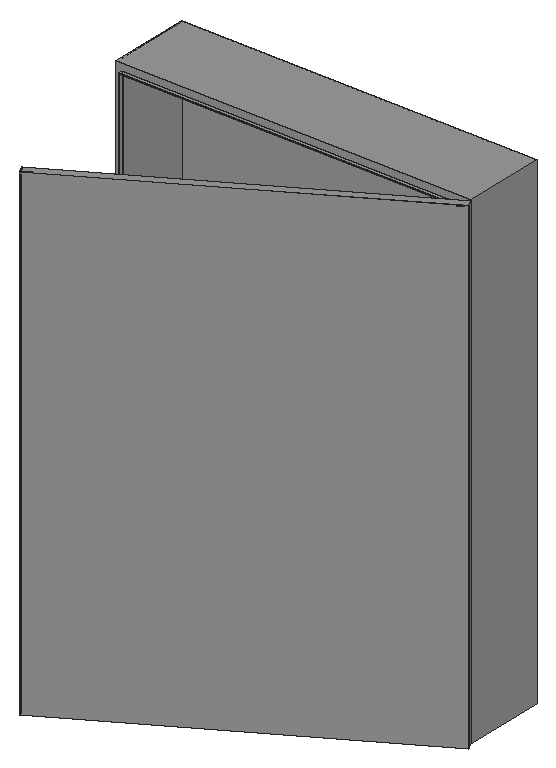
Revit family "Hager-Univers-IP54-D205-H1100-Cl.II-Encl-NoHosted-DE-de", category Equipement électrique, Revit 2020
Family settings
  Configuration du panneau = Deux colonnes, circuits au sein
  Cote de connecteur circulaire = Utiliser le diamètre
  Type d'élément = Tableau de raccordement
  Basée sur le plan de construction = Oui
  Toujours verticalement = Oui
  Couper avec des vides une fois chargée = Non
  Partagée = Non
  Point de calcul de pièce = Non
Parameters (values of type "Aufputz IP54 B800 H1100 T205  - FP73SW2")
  Width Control [instance] = if([EF000008 - Breite] > Min Width, [EF000008 - Breite], Min Width)  # 800 mm
  Commentaires du type = [HG000003 - Bereich]  # "Univers"
  Thickness Door [instance] = if([EF009171 - Materialstärke Tür/Deckel] > 3 mm, 3 mm, [EF009171 - Materialstärke Tür/Deckel])  # 1 mm
  Seal Frame Offset [instance] = 17 mm  # constant formula
  Plinth Visibility [instance] = [HG000027 - Sockelhöhe] > 0 mm  # no
  Min Width [instance] = 100 mm  # constant formula
  Min Depth [instance] = (2 * [EF009170 - Materialstärke Gehäuse]) + 1 mm  # 3 mm
  Min Height [instance] = 100 mm  # constant formula
  Internal Frame Depth [instance] = (Door System Depth * 0.5)  # 9 mm
  Panel Name [instance] = ""  # (empty or 0)
  Model = ""
  HG000027 - Sockelhöhe = 0 mm
  HG000026 - Stehend auf dem Boden = no
  HG000024 - Höhe des unteren Teils = 600 mm
  HG000023 - Gehäuse mit doppeltem Querschnitt = no
  HG000016 - 3D-Türsichtbarkeit [instance] = yes
  HG000015 - Sichtbarkeit der Türöffnung [instance] = no
  HG000014 - Tür rechts [instance] = yes
  HG000013 - Tür links [instance] = not([HG000014 - Tür rechts])  # no
  HG000012 - Türschwenkwinkel [instance] = 30.00°
  HG000010 - Asymmetrische Türen = no
  HG000009 - Doppelflügeligen Tür = no
  HG000006 - Unterputz = no
  HG000004 - Herstellerreferenz = "FP73SW2"
  HG000003 - Bereich = "Univers"
  HG000002 - Mit tür = yes
  Frame Offset Bottom [instance] = 10 mm  # constant formula
  Frame Offset [instance] = 15 mm  # constant formula
  EF015940 - Deckel mit Überdruckentlastung = no
  EF011959 - Schutzart (NEMA) = ""
  EF009554 - Anzahl der Öffnungen für Flanschplatten = 6
  EF009212 - Ausführung Deckel = "EV000116 - geschlossen"
  EF009171 - Materialstärke Tür/Deckel = 1 mm
  EF009170 - Materialstärke Gehäuse = 1 mm
  EF008873 - Nennstrom (In) = 250 A
  EF007800 - Geeignet für Blitzschutz = no
  EF006306 - Mit Schloss = no
  EF006244 - Transparenter Deckel/Tür = no
  EF005474 - Schutzart (IP) = "EV006419 - IP54"
  EF004464 - Art der Tür = "EV002646 - Einzel"
  EF004427 - Anzahl der Module = 252
  EF004293 - Schlagfestigkeit = "EV006815 - IK09"
  EF003532 - Geeignet für Außengebrauch = no
  EF002950 - Breite in Teilungseinheiten = 36
  EF001613 - Funktionserhalt = "EV000494 - ohne"
  EF001596 - Werkstoff des Gehäuses = "EV000179 - Stahl"
  EF001131 - Innentiefe = 130 mm
  EF001088 - Anbaumöglichkeit = yes
  EF000437 - Anzahl der Leitungseinführungen = 6
  EF000339 - Art der Abdeckung = "EV004216 - Tür"
  EF000266 - Anzahl der Reihen = 7
  EF000218 - Einbautiefe = 205 mm
  EF000118 - Mit Montageplatte = no
  EF000116 - RAL-Nummer = "9010"
  EF000049 - Tiefe = 205 mm
  EF000040 - Höhe = 1100 mm
  EF000008 - Breite = 800 mm
  EF000007 - Farbe = "EV000202 - weiß"
  EF000003 - Montageart = "EV000384 - Aufputz"
  Door System Leaf Tolerance [instance] = 1.5 mm  # constant formula
  Door System Depth [instance] = 18 mm  # constant formula
  Door Height [instance] = Height Control - [HG000027 - Sockelhöhe]  # 1100 mm
  Description = ""
  Default Elevation = 1219.2 mm
  Connector Offset [instance] = Height Control / 2  # 550 mm
  Fabricant = "Hager"  # constant formula
  Height Control [instance] = if([EF000040 - Höhe] > Min Height, [EF000040 - Höhe], Min Height)  # 1100 mm
  Depth Control [instance] = if([EF000049 - Tiefe] > Min Depth, [EF000049 - Tiefe], Min Depth)  # 205 mm
  Bottom Top Plate Trim [instance] = 1.5 mm  # constant formula
  Plinth height Ctrl [instance] = if([HG000027 - Sockelhöhe] > 0 mm, [HG000027 - Sockelhöhe], 12 mm)  # 12 mm
Types (5, lengths in mm): name | Width Control | HG000010 - Asymmetrische Türen | HG000009 - Doppelflügeligen Tür | HG000004 - Herstellerreferenz | EF009554 - Anzahl der Öffnungen für Flanschplatten | EF004464 - Art der Tür | EF004427 - Anzahl der Module | EF002950 - Breite in Teilungseinheiten | EF000437 - Anzahl der Leitungseinführungen | EF000008 - Breite
  Aufputz IP54 B1050 H1100 T205  - FP74SW2 | 1050 | no | yes | "FP74SW2" | 8 | "EV003602 - Doppel" | 336 | 48 | 8 | 1050
  Aufputz IP54 B1300 H1100 T205  - FP75SW2 | 1300 | yes | yes | "FP75SW2" | 10 | "EV003602 - Doppel" | 420 | 60 | 10 | 1300
  Aufputz IP54 B300 H1100 T205  - FP71SW2 | 300 | no | no | "FP71SW2" | 2 | "EV002646 - Einzel" | 84 | 12 | 2 | 300
  Aufputz IP54 B550 H1100 T205  - FP72SW2 | 550 | no | no | "FP72SW2" | 4 | "EV002646 - Einzel" | 168 | 24 | 4 | 550
  Aufputz IP54 B800 H1100 T205  - FP73SW2 | 800 | no | no | "FP73SW2" | 6 | "EV002646 - Einzel" | 252 | 36 | 6 | 800
Reference planes
  plane 1 "Center (Front/Back)": y = 0
  plane 2: z = 0
  plane 3 "Center (Left/Right)": x = 0
  plane 4: y = 0
  plane 5: y = 0
  plane 6: z = 0
  plane 7: x = -400
  plane 8: x = 400
  plane 9: x = 399
  plane 10: x = -399
  plane 11: z = 0
  plane 12: z = 1
  plane 13: y = -205
  plane 14: y = -1
  plane 15: x = 0
  plane 16: y = -187
  plane 17: y = -204
  plane 18: y = -186
  plane 19: x = -384
  plane 20: x = 384
  plane 21: z = 11
  plane 22: x = -383
  plane 23: x = 383
  plane 24: z = 0
  plane 25: z = 1100
  plane 26: z = 1100
  plane 27: z = 1084
  plane 28: z = 1099
Forms (mm)
  Extrusion 1, solid, material "Hager_Steel_RAL7035_Light_Grey", detail levels medium+fine
    sketch origin (-208.679, -4572, 0) x (-1, 0, 0) y (0, -1, 0)
      loop
        line (191.321, -4385) -> (-608.679, -4385) -> (-608.679, -4572) -> (191.321, -4572) -> (191.321, -4385)
    from 0 to 1100
  Extrusion 2, void
    sketch origin (-350.771, -205, 1219.2) x (1, 0, 0) y (0, 0, 1)
      loop
        line (-48.229, -120.2) -> (-48.229, -1218.2) -> (749.771, -1218.2) -> (749.771, -120.2) -> (-48.229, -120.2)
    from -19 to -204
  Extrusion 3, void
    sketch origin (-290.084, -187, 1219.2) x (1, 0, 0) y (0, 0, 1)
      loop
        line (-93.916, -1208.2) -> (674.084, -1208.2) -> (674.084, -135.2) -> (-93.916, -135.2) -> (-93.916, -1208.2)
    from 0 to -1
  Extrusion 4, solid, material "Hager_Steel_RAL7035_Light_Grey", visible <- "Plinth Visibility", detail levels medium+fine
    sketch origin (0, 0, 0) x (1, 0, 0) y (0, 1, 0)
      loop
        line (-400, 0) -> (-400, -187) -> (400, -187) -> (400, 0) -> (-400, 0)
    from 0 to 12 <- "Plinth height Ctrl"
  Extrusion 5, solid, material "Hager_Steel_RAL7035_Light_Grey", detail levels coarse
    sketch origin (0, 0, 0) x (1, 0, 0) y (0, 1, 0)
      loop
        line (-400, 0) -> (-400, -205) -> (400, -205) -> (400, 0) -> (-400, 0)
    from 0 to 1100 <- "Height Control"
  Sweep 6, void
    path in 3D
      loop
        line (-400, -187, 12) -> (400, -187, 12) -> (400, 0, 12) -> (-400, 0, 12) -> (-400, -187, 12)
    profile origin (-400, -93.5, 12) x (1, 0, 0) y (0, 0, 1)
      loop
        line (0, 0) -> (0, -1.5) -> (1.5, -1.5)
        arc (1.5, -1.5) -> (1.061, -0.439) -> (0, 0) r 1.5
  Extrusion 7, solid, material "Hager_Steel_RAL7035_Light_Grey", detail levels fine
    sketch origin (-400, -187, 0) x (1, 0, 0) y (0, 0, 1)
      loop
        line (16, 11) -> (784, 11) -> (784, 1084) -> (16, 1084) -> (16, 11)
      loop
        line (15, 10) -> (785, 10) -> (785, 1085) -> (15, 1085) -> (15, 10)
    from 0 to 9 <- "Internal Frame Depth"
Cuts and joins
  Extrusion 2, Extrusion 3 cuts Extrusion 1
  Sweep 6 cuts Extrusion 4
Lines and regions (mm)
  Masking region 1
    outline origin (0, 0, 0) x (1, 0, 0) y (0, 1, 0)
      loop
        line (-400, 0) -> (-400, -205) -> (400, -205) -> (400, 0) -> (-400, 0)
  Masking region 2, detail levels coarse
    outline origin (-290.084, -187, 1219.2) x (-1, 0, 0) y (0, 0, 1)
      loop
        line (-690.084, -1219.2) -> (109.916, -1219.2) -> (109.916, -119.2) -> (-690.084, -119.2) -> (-690.084, -1219.2)
  Masking region 3, detail levels coarse
    outline origin (0, 0, 0) x (0, 1, 0) y (0, 0, 1)
      loop
        line (0, 0) -> (0, 1100) -> (-205, 1100) -> (-205, 0) -> (0, 0)
  Masking region 4, visible <- "Plinth Visibility", detail levels medium+fine
    outline origin (0, 0, 0) x (0, 1, 0) y (0, 0, 1)
      loop
        line (-1.5, 12) -> (-185.5, 12)
        arc (-185.5, 12) -> (-185.939, 10.939) -> (-187, 10.5) r 1.5
        line (-187, 10.5) -> (-187, 0) -> (0, 0) -> (0, 10.5)
        arc (0, 10.5) -> (-1.061, 10.939) -> (-1.5, 12) r 1.5
  Masking region 5, detail levels medium+fine
    outline origin (0, 0, 594.038) x (0, 1, 0) y (0, 0, 1)
      loop
        line (0, -594.038) -> (0, 505.962) -> (-187, 505.962) -> (-187, -594.038) -> (0, -594.038)
  Masking region 6, detail levels medium+fine
    outline origin (-359.7, -187, 1211.883) x (-1, 0, 0) y (0, 0, 1)
      loop
        line (-759.7, -1211.883) -> (40.3, -1211.883) -> (40.3, -111.883) -> (-759.7, -111.883) -> (-759.7, -1211.883)
  Masking region 7, visible <- "Plinth Visibility", detail levels medium+fine
    outline origin (-320.334, -187, 1041.368) x (-1, 0, 0) y (0, 0, 1)
      loop
        line (-720.334, -1041.368) -> (79.666, -1041.368) -> (79.666, -1030.868)
        arc (79.666, -1030.868) -> (78.606, -1030.429) -> (78.166, -1029.368) r 1.5
        line (78.166, -1029.368) -> (-718.834, -1029.368)
        arc (-718.834, -1029.368) -> (-719.273, -1030.429) -> (-720.334, -1030.868) r 1.5
        line (-720.334, -1030.868) -> (-720.334, -1041.368)
  sketch lines
    curve 1: line (-400, 0, 12) -> (-400, -187, 12)
    curve 2: line (-400, -187, 12) -> (400, -187, 12)
    curve 3: line (400, 0, 12) -> (-400, 0, 12)
    curve 4: line (400, -187, 12) -> (400, 0, 12)
Dimensions and locks
  locked: plane 1 "Center (Front/Back)" to plane 5
  "EF009170 - Materialstärke Gehäuse": plane 7 to plane 10
  "EF009170 - Materialstärke Gehäuse": plane 8 to plane 9
  equal spacing: plane 7, plane 3 "Center (Left/Right)", plane 8
  "Width Control": plane 7 to plane 8
  "Depth Control": plane 4 to plane 13
  "EF009170 - Materialstärke Gehäuse": plane 4 to plane 14
  "Height Control": plane 25 to level
  "HG000027 - Sockelhöhe": plane 11 to level
  "EF009170 - Materialstärke Gehäuse": plane 12 to plane 11
  "EF009170 - Materialstärke Gehäuse": plane 17 to plane 13
  "EF009170 - Materialstärke Gehäuse": plane 18 to plane 16
  "Frame Offset Bottom": plane 21 to plane 12
  "Frame Offset": plane 10 to plane 19
  "Frame Offset": plane 9 to plane 20
  "Door System Depth": plane 16 to plane 13
  "Seal Frame Offset": plane 7 to plane 22
  "Seal Frame Offset": plane 8 to plane 23
  "EF009170 - Materialstärke Gehäuse": plane 26 to plane 28
  "Frame Offset": plane 28 to plane 27
  "Connector Offset": plane 2 to connector elem
  "Bottom Top Plate Trim": profile plane to Sweep 6 sketch curve
  "Bottom Top Plate Trim": Sweep 6 sketch curve to Sweep 6 sketch curve
  "Plinth height Ctrl": Masking region 4 sketch curve to level
  "Plinth height Ctrl": Masking region 7 sketch curve to level
  "Thickness Door": Extrusion 7 sketch curve to Extrusion 7 sketch curve  (x4)
  "Bottom Top Plate Trim": radius of Sweep 6 sketch curve
  "Bottom Top Plate Trim": radius of Masking region 4 sketch curve  (x2)
  "Bottom Top Plate Trim": radius of Masking region 7 sketch curve  (x2)
  aligned and locked: Extrusion 2 sketch curve to plane 12
  aligned and locked: Extrusion 2 sketch curve to plane 9
  aligned and locked: Extrusion 2 sketch curve to plane 10
  aligned and locked: Extrusion 2 to plane 14
  aligned and locked: Extrusion 1 sketch curve to plane 4
  aligned and locked: plane 8 to Extrusion 1 sketch curve
  aligned and locked: plane 7 to Extrusion 1 sketch curve
  aligned and locked: Extrusion 2 to plane 18
  aligned and locked: Extrusion 3 sketch curve to plane 19
  aligned and locked: plane 20 to Extrusion 3 sketch curve
  aligned and locked: Extrusion 3 to Extrusion 2
  aligned and locked: Extrusion 3 sketch curve to plane 21
  aligned and locked: plane 3 "Center (Left/Right)" to nested 1
  aligned and locked: Extrusion 1 sketch curve to plane 16
  aligned and locked: Extrusion 4 sketch curve to cut or joined group of Extrusion 1, Extrusion 2, Extrusion 3
  aligned and locked: Masking region 1 sketch curve to plane 7
  aligned and locked: Masking region 1 sketch curve to plane 5
  aligned and locked: Masking region 1 sketch curve to plane 8
  aligned and locked: Masking region 2 sketch curve to level
  aligned and locked: level to Masking region 3 sketch curve
  aligned and locked: plane 1 "Center (Front/Back)" to Masking region 3 sketch curve
  aligned and locked: plane 13 to Masking region 3 sketch curve
  aligned and locked: plane 5 to Masking region 4 sketch curve
  aligned and locked: Masking region 2 sketch curve to plane 8
  aligned and locked: Masking region 2 sketch curve to plane 7
  aligned and locked: plane 7 to nested 2
  aligned and locked: nested 2 to plane 5
  aligned and locked: plane 5 to Masking region 5 sketch curve
  aligned and locked: plane 26 to Masking region 5 sketch curve
  aligned and locked: Extrusion 5 sketch curve to plane 8
  aligned and locked: Extrusion 5 sketch curve to plane 7
  aligned and locked: Extrusion 5 sketch curve to plane 5
  aligned and locked: Extrusion 3 sketch curve to plane 27
  aligned and locked: Extrusion 2 sketch curve to plane 28
  aligned and locked: Masking region 2 to plane 25
  aligned and locked: Extrusion 4 to plane 16
  aligned and locked: profile plane to Sweep 6 sketch curve
  aligned and locked: Masking region 5 sketch curve to plane 24
  aligned and locked: level to Masking region 4 sketch curve
  aligned and locked: Masking region 1 to plane 13
  aligned and locked: nested 1 to plane 16
  aligned and locked: Masking region 3 to plane 25
  aligned and locked: plane 16 to Masking region 4 sketch curve
  aligned and locked: Masking region 5 sketch curve to plane 16
  aligned and locked: plane 24 to plane 11
  aligned and locked: plane 26 to plane 25
  aligned and locked: plane 26 to cut or joined group of Extrusion 1, Extrusion 2, Extrusion 3
  aligned and locked: nested 1 to plane 24
  aligned and locked: Extrusion 1 to Extrusion 3
  aligned and locked: Masking region 6 sketch curve to plane 8
  aligned and locked: Masking region 6 sketch curve to plane 24
  aligned and locked: Masking region 6 sketch curve to plane 7
  aligned and locked: Masking region 6 sketch curve to plane 26
  aligned and locked: Masking region 7 sketch curve to plane 7
  aligned and locked: level to Masking region 7 sketch curve
  aligned and locked: Masking region 7 sketch curve to plane 8
  aligned and locked: Extrusion 7 sketch curve to cut or joined group of Extrusion 1, Extrusion 2, Extrusion 3  (x4)
Automatic sketch dimensions
  plane 19 to Extrusion 3 sketch curve = 0 mm
  Extrusion 3 sketch curve to plane 20 = 0 mm
  Extrusion 3 sketch curve to plane 21 = 0 mm
  Extrusion 4 sketch curve to plane 7 = 0 mm
  Extrusion 4 sketch curve to plane 8 = 0 mm
  Extrusion 4 sketch curve to plane 16 = 0 mm
  Masking region 1 sketch curve to plane 13 = 0 mm
  Masking region 2 sketch curve to plane 25 = 0 mm
  Masking region 3 sketch curve to plane 25 = 0 mm
  Extrusion 5 sketch curve to plane 13 = 0 mm
  profile plane to Sweep 6 sketch curve = 0 mm
Nested families
  nested 1: "EC000058_Univers_Door" at (0, -187, 0), Double <- "HG000009 - Doppelflügeligen Tür", Transparent <- "EF006244 - Transparenter Deckel/Tür", Angle <- "HG000012 - Türschwenkwinkel", Door_Right <- "HG000014 - Tür rechts", Assymetrical <- "HG000010 - Asymmetrische Türen", Door <- "HG000002 - Mit tür", Width_Ctrl <- "Width Control", 3d_Door <- "HG000016 - 3D-Türsichtbarkeit", Clearance <- "HG000015 - Sichtbarkeit der Türöffnung", Door_Left <- "HG000013 - Tür links", Width <- "Width Control", Door_Depth <- "Door System Depth", Leaf_Tolerance <- "Door System Leaf Tolerance", Height <- "Door Height", Lock_Visibility <- "EF006306 - Mit Schloss", Thickness <- "Thickness Door", type "EC000058_Univers_Door", detail levels medium+fine
    with min_wh 3 mm, Width_Ctrl 800 mm, Width 800 mm, Transparent no, Thickness 1 mm, Seal_Material Hager_Rubber, Lock_Visibility no, Lock_Material Hager_Plastic_RAL9005_Jet_Black, Leaf_Width 800 mm, Leaf_Tolerance_External_Sides 0 mm, Leaf_Tolerance 1.5 mm, Leaf_Offset 0 mm, Leaf_Height 1097 mm, Leaf_2_Width 800 mm, Leaf_2_Offset 400 mm, Leaf_1_Width 800 mm, Leaf_1_Offset 400 mm, Height_Ctrl 1100 mm, Height 1100 mm, Glass_Material Hager_Glass, Double_Clearance_Ctrl no, Double no, Door_Right_Ctrl yes, Door_Right yes, Door_Material Hager_Steel_RAL7035_Light_Grey, Door_Left_Ctrl no, Door_Left no, Door_Depth 18 mm, Door yes, Clearance_Material Hager_Clearance, Clearance_Depth 800 mm, Clearance_Ctrl no, Clearance no, Assymetrical no, Angle 30.00°, 3d_Door yes
  nested 2: "Hager_Enclosure_Symbol" at (-400, 0, 0), Height <- "Depth Control", Width <- "Width Control", type "Hager_Enclosure_Symbol"
    with Width_Ctrl 800 mm, Width 800 mm, Height_Ctrl 205 mm, Height 205 mm, A_Width_Int 13.453 mm, A_Width 161.438 mm, A_Height_Ctrl 179.375 mm, A_Height 179.375 mm
Connectors
  electrical at (0, 0, 550)
    settings: on plane 1 "Center (Front/Back)", index 1, voltage 0 V, apparent load 0 VA, apparent load phase1 0 VA, apparent load phase2 0 VA, apparent load phase3 0 VA, power factor 1, load classification "Other", number of poles 1, system type 30, power factor state 1, is connector primary yes, connector utility no, sub classification motor no, connector description ""
Definition of nested family "EC000058_Univers_Door"
  Parameters (values of type "EC000058_Univers_Door")
    min_wh [instance] = (2 * Thickness) + 1 mm  # 11 mm
    Width_Ctrl [instance] = 400 mm
    Width [instance] = 500 mm
    Transparent [instance] = yes
    Thickness [instance] = 5 mm
    Seal_Material [instance] = none
    Lock_Visibility [instance] = yes
    Lock_Material [instance] = none
    Leaf_Width [instance] = if((Width_Ctrl - 2 * Leaf_Tolerance_External_Sides) > 0 mm, (Width_Ctrl - 2 * Leaf_Tolerance_External_Sides), min_wh)  # 400 mm
    Leaf_Tolerance_External_Sides [instance] = 0 mm  # constant formula
    Leaf_Tolerance [instance] = 1.5 mm
    Leaf_Offset [instance] = 0 mm  # constant formula
    Leaf_Height [instance] = if((Height_Ctrl - 2 * Leaf_Tolerance) > 0 mm, (Height_Ctrl - 2 * Leaf_Tolerance), min_wh)  # 497 mm
    Leaf_2_Width [instance] = if(and(and(Double, Assymetrical), Door_Left), (Leaf_Width / 3) - (Leaf_Tolerance / 2), if(and(and(Double, Assymetrical), Door_Right), (Leaf_Width / 3) * 2 - (Leaf_Tolerance / 2), if(and(Double, not(Assymetrical)), (Leaf_Width / 2) - Leaf_Tolerance, Leaf_Width)))  # 400 mm
    Leaf_2_Offset [instance] = if(and(Double, Assymetrical), Leaf_2_Width / 2, if(and(Double, not(Assymetrical)), Leaf_Width / 4, Leaf_Width / 2))  # 200 mm
    Leaf_1_Width [instance] = if(and(and(Double, Assymetrical), Door_Right), (Leaf_Width / 3) - (Leaf_Tolerance / 2), if(and(and(Double, Assymetrical), Door_Left), (Width / 3) * 2 - (Leaf_Tolerance / 2), if(and(Double, not(Assymetrical)), (Leaf_Width / 2) - Leaf_Tolerance, Leaf_Width)))  # 400 mm
    Leaf_1_Offset [instance] = if(and(Double, Assymetrical), Leaf_1_Width / 2, if(and(Double, not(Assymetrical)), Leaf_Width / 4, Leaf_Width / 2))  # 200 mm
    Height_Ctrl [instance] = if(Height > min_wh, Height, min_wh)  # 500 mm
    Height [instance] = 500 mm
    Glass_Material [instance] = none
    Double_Clearance_Ctrl [instance] = and(Double, Clearance)  # no
    Double [instance] = no
    Door_Right_Ctrl [instance] = and(or(Door_Right, Double), Door)  # yes
    Door_Right [instance] = yes
    Door_Material [instance] = none
    Door_Left_Ctrl [instance] = and(or(Door_Left, Double), Door)  # no
    Door_Left [instance] = no
    Door_Depth [instance] = 30 mm
    Door [instance] = yes
    Default Elevation = 1219.2 mm
    Clearance_Material [instance] = none
    Clearance_Depth [instance] = if(Leaf_1_Width > Leaf_2_Width, Leaf_1_Width, Leaf_2_Width)  # 400 mm
    Clearance_Ctrl [instance] = and(not(Double), Clearance)  # yes
    Clearance [instance] = yes
    Assymetrical [instance] = yes
    Angle [instance] = 30.00°
    3d_Door [instance] = yes
  Reference planes
    plane 1 "Center (Front/Back)": y = 0
    plane 2 "Bottom": z = 0
    plane 3 "Center (Left/Right)": x = 0
    plane 4: z = 500
    plane 5: x = -200
    plane 6: x = 200
    plane 7: z = 500
    plane 8: x = -200
    plane 9: z = 0
    plane 10: x = 200
    plane 11: y = 0
    plane 12: z = 1.5
    plane 13: x = -600
    plane 14: y = -400
    plane 15: x = 600
    plane 16: x = 0
    plane 17: x = 0
    plane 18: x = -200
    plane 19: x = 200
    plane 20: z = 498.5
  Forms (mm)
    Extrusion 1, solid, material <- "Clearance_Material", visible <- "Double_Clearance_Ctrl"
      sketch origin (1200, 0, 0) x (1, 0, 0) y (0, 0, -1)
        loop
          line (-1800, -498.5) -> (-600, -498.5) -> (-600, 0) -> (-1800, 0) -> (-1800, -498.5)
      from 0 to -400
  Dimensions and locks
    equal spacing: plane 5, plane 3 "Center (Left/Right)", plane 6
    "Width_Ctrl": plane 5 to plane 6
    "Leaf_Offset": plane 5 to plane 8
    "Leaf_Offset": plane 6 to plane 10
    "Leaf_Offset": plane 9 to level
    "Leaf_Offset": plane 4 to plane 7
    "Height_Ctrl": plane 4 to level
    "Leaf_Tolerance": plane 12 to plane 9
    locked: plane 11 to plane 1 "Center (Front/Back)"
    "Leaf_1_Offset": plane 18 to plane 16
    "Leaf_2_Offset": plane 17 to plane 19
    "Leaf_1_Width": plane 13 to plane 8
    "Leaf_2_Width": plane 10 to plane 15
    "Clearance_Depth": plane 14 to plane 1 "Center (Front/Back)"
    "Leaf_Tolerance_External_Sides": plane 8 to plane 18
    "Leaf_Tolerance_External_Sides": plane 19 to plane 10
    "Leaf_Tolerance": plane 7 to plane 20
    aligned and locked: level to plane 2 "Bottom"
    aligned and locked: nested 1 to plane 16
    aligned and locked: nested 2 to plane 17
    aligned and locked: Extrusion 1 to plane 13
    aligned and locked: plane 15 to Extrusion 1
    aligned and locked: Extrusion 1 to plane 14
    aligned and locked: plane 12 to nested 1
    aligned and locked: nested 2 to plane 12
    aligned and locked: Extrusion 1 to plane 11
    aligned and locked: plane 20 to Extrusion 1
    aligned and locked: nested 2 to plane 11
    aligned and locked: nested 1 to plane 11
  Automatic sketch dimensions
    Extrusion 1 sketch curve to level = 0 mm
    plane 5 to Extrusion 1 sketch curve = 400 mm
    plane 6 to Extrusion 1 sketch curve = 400 mm
    Extrusion 1 sketch curve to plane 4 = 1.5 mm
  Nested families
    nested 1: "EC000058_Univers_Door_Leaf" at (0, 0, 1.5), Width <- "Leaf_1_Width", visible <- "Door_Left_Ctrl", Leaf_Height <- "Leaf_Height", Angle <- "Angle", 3d_Door <- "3d_Door", Transparent <- "Transparent", Clearance Material <- "Clearance_Material", Clearance <- "Clearance_Ctrl", Door_Material <- "Door_Material", Glass_Material <- "Glass_Material", Door_Depth <- "Door_Depth", Lock_Material <- "Lock_Material", Seal_Material <- "Seal_Material", Lock_Visibility <- "Lock_Visibility", Thickness <- "Thickness", type "EC000058_Univers_Door_Leaf"
      with Width 400 mm, Transparent_Glass_Offset 30 mm, Transparent_Ctrl yes, Transparent yes, Thickness 5 mm, Standard no, Seal_Material none, Seal_D2 8 mm, Seal_D1 1 mm, Offset_Internal_Frame 10 mm, Lock_Width 20 mm, Lock_Visibility_3d yes, Lock_Visibility yes, Lock_Thickness_3 3 mm, Lock_Thickness_2 1 mm, Lock_Thickness_1 3 mm, Lock_Radius_Offset_2 16 mm, Lock_Radius_Offset_1 15 mm, Lock_Radius_2 5 mm, Lock_Radius 6 mm, Lock_Offset 5 mm, Lock_Material none, Lock_Height 80 mm, Lock_Cover_Top_Offset_2d 17 mm, Lock_Cover_Height -65 mm, Leaf_Height 497 mm, Internal_Seal_Thickness 8 mm, Internal_Seal_Depth_2 4.5 mm, Internal_Frame_Depth 25 mm, Glass_Thickness -1 mm, Glass_Offset -2 mm, Glass_Material none, Door_Material none, Door_Depth 30 mm, Clearance Material none, Clearance yes, Angle_Ctrl 30.00°, Angle 30.00°, 3d_Door yes
    nested 2: "EC000058_Univers_Door_Leaf" at (0, 0, 1.5) x (-1, 0, 0) z (0, 0, 1), Width <- "Leaf_2_Width", visible <- "Door_Right_Ctrl", Leaf_Height <- "Leaf_Height", Angle <- "Angle", 3d_Door <- "3d_Door", Transparent <- "Transparent", Clearance Material <- "Clearance_Material", Clearance <- "Clearance_Ctrl", Door_Material <- "Door_Material", Glass_Material <- "Glass_Material", Door_Depth <- "Door_Depth", Lock_Material <- "Lock_Material", Seal_Material <- "Seal_Material", Lock_Visibility <- "Lock_Visibility", Thickness <- "Thickness", type "EC000058_Univers_Door_Leaf"
      with Width 400 mm, Transparent_Glass_Offset 30 mm, Transparent_Ctrl yes, Transparent yes, Thickness 5 mm, Standard no, Seal_Material none, Seal_D2 8 mm, Seal_D1 1 mm, Offset_Internal_Frame 10 mm, Lock_Width 20 mm, Lock_Visibility_3d yes, Lock_Visibility yes, Lock_Thickness_3 3 mm, Lock_Thickness_2 1 mm, Lock_Thickness_1 3 mm, Lock_Radius_Offset_2 16 mm, Lock_Radius_Offset_1 15 mm, Lock_Radius_2 5 mm, Lock_Radius 6 mm, Lock_Offset 5 mm, Lock_Material none, Lock_Height 80 mm, Lock_Cover_Top_Offset_2d 17 mm, Lock_Cover_Height -65 mm, Leaf_Height 497 mm, Internal_Seal_Thickness 8 mm, Internal_Seal_Depth_2 4.5 mm, Internal_Frame_Depth 25 mm, Glass_Thickness -1 mm, Glass_Offset -2 mm, Glass_Material none, Door_Material none, Door_Depth 30 mm, Clearance Material none, Clearance yes, Angle_Ctrl 30.00°, Angle 30.00°, 3d_Door yes
  Definition of nested family "EC000058_Univers_Door_Leaf"
    Parameters (values of type "EC000058_Univers_Door_Leaf")
      Width [instance] = 2000 mm
      Transparent_Glass_Offset [instance] = 30 mm
      Transparent_Ctrl [instance] = and(Transparent, [3d_Door])  # yes
      Transparent [instance] = yes
      Thickness [instance] = 5 mm
      Standard [instance] = and(not(Transparent), [3d_Door])  # no
      Seal_Material [instance] = none
      Seal_D2 [instance] = 8 mm  # constant formula
      Seal_D1 [instance] = 1 mm  # constant formula
      Offset_Internal_Frame [instance] = 10 mm  # constant formula
      Lock_Width [instance] = 20 mm  # constant formula
      Lock_Visibility_3d [instance] = and(Lock_Visibility, [3d_Door])  # yes
      Lock_Visibility [instance] = yes
      Lock_Thickness_3 [instance] = 3 mm  # constant formula
      Lock_Thickness_2 [instance] = 1 mm  # constant formula
      Lock_Thickness_1 [instance] = 3 mm  # constant formula
      Lock_Radius_Offset_2 [instance] = Lock_Radius_Offset_1 + 1 mm  # 16 mm
      Lock_Radius_Offset_1 [instance] = 15 mm  # constant formula
      Lock_Radius_2 [instance] = Lock_Radius - 1 mm  # 5 mm
      Lock_Radius [instance] = 6 mm  # constant formula
      Lock_Offset [instance] = 5 mm  # constant formula
      Lock_Material [instance] = none
      Lock_Height [instance] = 80 mm  # constant formula
      Lock_Cover_Top_Offset_2d [instance] = Lock_Radius_Offset_2 + 1 mm  # 17 mm
      Lock_Cover_Height [instance] = -(Lock_Height - Lock_Radius_Offset_1)  # -65 mm
      Leaf_Height [instance] = 2720.336 mm
      Internal_Seal_Thickness [instance] = 8 mm  # constant formula
      Internal_Seal_Depth_2 [instance] = 4.5 mm  # constant formula
      Internal_Frame_Depth [instance] = if(Door_Depth - Thickness > 5 mm, Door_Depth - Thickness, 5 mm)  # 25 mm
      Glass_Thickness [instance] = if(Thickness > 15 mm, Glass_Offset + 10 mm, -1 mm)  # -1 mm
      Glass_Offset [instance] = if(Thickness > 15 mm, -(Thickness + 10 mm) / 2, -2 mm)  # -2 mm
      Glass_Material [instance] = none
      Door_Material [instance] = none
      Door_Depth [instance] = 30 mm
      Default Elevation = 0 mm
      Clearance Material [instance] = none
      Clearance [instance] = yes
      Angle_Ctrl [instance] = if(Angle > 180.00°, 180.00°, Angle)  # 90.00°
      Angle [instance] = 90.00°
      3d_Door [instance] = yes
    Reference planes
      plane 1 "Center (Front/Back)": y = 0
      plane 2: z = 0
      plane 3 "Center (Left/Right)": x = 0
      plane 4: y = 2000
      plane 5: x = -1000
      plane 6: x = 1000
      plane 7: x = -3000
      plane 8: z = 2720.336
      plane 9: z = 30
      plane 10: z = 2690.336
      plane 11: x = 970
      plane 12: x = -970
      plane 13: y = -3
      plane 14: z = 107.833
      plane 15: y = -5
      plane 16: y = -223.314
      plane 17: x = -1000
      plane 18: z = 1360.168
      plane 19: y = 30
    Forms (mm)
      Extrusion 1, solid, material <- "Clearance Material", visible <- "Clearance"
        sketch origin (0, 0, 0) x (1, 0, 0) y (0, 0, 1)
          loop
            line (-3000, 2720.336) -> (-3000, 0) -> (1000, 0) -> (1000, 2720.336) -> (-3000, 2720.336)
        from 0 to -2000
      Extrusion 2, solid, material <- "Door_Material", visible <- "Standard", detail levels medium+fine
        sketch origin (-1000, 0, 0) x (0, 1, 0) y (-1, 0, 0)
          loop
            line (0, 30) -> (0, 25) -> (2000, 25) -> (2000, 30) -> (0, 30)
        from 0 to 2720.336 <- "Leaf_Height"
      Extrusion 3, solid, material <- "Door_Material", visible <- "Transparent_Ctrl", detail levels medium+fine
        sketch origin (-1000, 0, 0) x (0, 1, 0) y (-1, 0, 0)
          loop
            line (0, 25) -> (2000, 25) -> (2000, 30) -> (0, 30) -> (0, 25)
        from 0 to 2720.336 <- "Leaf_Height"
      Extrusion 4, void
        sketch origin (-1025, 2000, 0) x (0, 1, 0) y (0, 0, -1)
          loop
            line (-30, -2690.336) -> (-30, -30) -> (-1970, -30) -> (-1970, -2690.336) -> (-30, -2690.336)
        from 0 to 5 <- "Thickness"
      Sweep 5, solid, material <- "Seal_Material", visible <- "Transparent_Ctrl", detail levels fine
        path in 3D
          loop
            line (-1025, 30, 30) -> (-1025, 30, 2690.336) -> (-1025, 1970, 2690.336) -> (-1025, 1970, 30) -> (-1025, 30, 30)
        profile origin (-1025, 1000, 30) x (1, 0, 0) y (0, 0, 1)
          loop
            line (0, 0) -> (0, -8) -> (1, -8) -> (1, 0) -> (0, 0)
      Extrusion 6, solid, material <- "Glass_Material", visible <- "Transparent_Ctrl", detail levels medium+fine
        sketch origin (-1030, 0, 0) x (0, 1, 0) y (0, 0, -1)
          loop
            line (1970, -2690.336) -> (1970, -30) -> (30, -30) -> (30, -2690.336) -> (1970, -2690.336)
        from -2 <- "Glass_Offset" to -1 <- "Glass_Thickness"
      Extrusion 7, solid, material <- "Door_Material", visible <- "3d_Door", detail levels medium+fine
        sketch origin (-1025, 2000, 0) x (0, -1, 0) y (0, 0, -1)
          loop
            line (0, -2720.336) -> (2000, -2720.336) -> (2000, 0) -> (0, 0) -> (0, -2720.336)
          loop
            line (1995, -5) -> (5, -5) -> (5, -2715.336) -> (1995, -2715.336) -> (1995, -5)
        from 0 to 25 <- "Internal_Frame_Depth"
      Sweep 8, solid, material <- "Seal_Material", visible <- "Transparent_Ctrl", detail levels fine
        path in 3D
          loop
            line (-1025, 0, 0) -> (-1025, 2000, 0) -> (-1025, 2000, 2720.336) -> (-1025, 0, 2720.336) -> (-1025, 0, 0)
        profile origin (-1025, 0, 1360.168) x (1, 0, 0) y (0, 1, 0)
          loop
            line (0, 10) -> (2.975, 10)
            arc (2.975, 10) -> (4.053, 10.447) -> (4.5, 11.525) r 1.525
            line (4.5, 11.525) -> (4.5, 16.527)
            arc (4.5, 16.527) -> (4.069, 17.569) -> (3.027, 18) r 1.473
            line (3.027, 18) -> (0, 18) -> (0, 10)
      Extrusion 9, solid, material <- "Lock_Material", visible <- "Lock_Visibility_3d", detail levels fine
        sketch origin (-1030, 0, 0) x (0, 1, 0) y (0, 0, -1)
          loop
            arc (1993.5, -1400.168) -> (1994.561, -1399.729) -> (1995, -1398.668) r 1.5
            line (1995, -1398.668) -> (1995, -1320.168) -> (1975, -1320.168) -> (1975, -1398.668)
            arc (1975, -1398.668) -> (1975.439, -1399.729) -> (1976.5, -1400.168) r 1.5
            line (1976.5, -1400.168) -> (1993.5, -1400.168)
        from 3 <- "Lock_Thickness_1" to 0
      Blend 10, solid, material <- "Lock_Material", visible <- "Lock_Visibility_3d", detail levels fine
        base sketch origin (-1033, 0, 0) x (0, 1, 0) y (0, 0, -1)
          loop
            line (1975, -1320.168) -> (1975, -1398.668)
            arc (1975, -1398.668) -> (1975.439, -1399.729) -> (1976.5, -1400.168) r 1.5
            line (1976.5, -1400.168) -> (1993.5, -1400.168)
            arc (1993.5, -1400.168) -> (1994.561, -1399.729) -> (1995, -1398.668) r 1.5
            line (1995, -1398.668) -> (1995, -1320.168) -> (1975, -1320.168)
        top sketch origin (-1033, 0, 0) x (0, 1, 0) y (0, 0, -1)
          loop
            line (1976, -1320.168) -> (1976, -1398.668)
            arc (1976, -1398.668) -> (1976.146, -1399.022) -> (1976.5, -1399.168) r 0.5
            line (1976.5, -1399.168) -> (1993.5, -1399.168)
            arc (1993.5, -1399.168) -> (1993.854, -1399.022) -> (1994, -1398.668) r 0.5
            line (1994, -1398.668) -> (1994, -1320.168) -> (1976, -1320.168)
        from 0 to 1 <- "Lock_Thickness_2"
      Blend 11, solid, material <- "Lock_Material", visible <- "Lock_Visibility_3d", detail levels fine
        base sketch origin (-1034, 0, 0) x (0, 1, 0) y (0, 0, -1)
          loop
            line (1978, -1320.168) -> (1978, -1384.168)
            arc (1978, -1384.168) -> (1985, -1391.168) -> (1992, -1384.168) r 7
            line (1992, -1384.168) -> (1992, -1320.168) -> (1978, -1320.168)
        top sketch origin (-1034, 0, 0) x (0, 1, 0) y (0, 0, -1)
          loop
            line (1991, -1320.168) -> (1979, -1320.168) -> (1979, -1383.168)
            arc (1979, -1383.168) -> (1985, -1389.168) -> (1991, -1383.168) r 6
            line (1991, -1383.168) -> (1991, -1320.168)
        from 0 to 3 <- "Lock_Thickness_3"
      Extrusion 12, solid, material <- "Lock_Material", visible <- "Lock_Visibility_3d", detail levels fine
        sketch origin (-1030, 1975, 1320.168) x (1, 0, 0) y (0, -1, 0)
          loop
            line (-7, -19) -> (-7, -1) -> (0, -1) -> (0, 0) -> (-8, 0) -> (-8, -20) -> (0, -20) -> (0, -19) -> (-7, -19)
        from 0 to -65 <- "Lock_Cover_Height"
      Extrusion 13, void
        sketch origin (-1038, 1995, 1320.168) x (-1, 0, 0) y (0, 0, -1)
          loop
            line (-5, -65) -> (0, -65) -> (-5, -60) -> (-5, -65)
        from 0 to 20 <- "Lock_Width"
      Extrusion 14, void
        sketch origin (-1038, 1975, 1320.168) x (0, -1, 0) y (0, 0, -1)
          loop
            circle (-10, -15.995) r 6
          loop
            circle (-10, -15.995) r 5
        from 0 to 2
      Extrusion 15, solid, material <- "Lock_Material", visible <- "Lock_Visibility_3d", detail levels medium
        sketch origin (-1030, 0, 0) x (0, 1, 0) y (0, 0, -1)
          loop
            arc (1993.5, -1400.168) -> (1994.561, -1399.729) -> (1995, -1398.668) r 1.5
            line (1995, -1398.668) -> (1995, -1320.168) -> (1975, -1320.168) -> (1975, -1398.668)
            arc (1975, -1398.668) -> (1975.439, -1399.729) -> (1976.5, -1400.168) r 1.5
            line (1976.5, -1400.168) -> (1993.5, -1400.168)
        from 8 to 0
    Cuts and joins
      Extrusion 4 cuts Extrusion 3
      Extrusion 13, Extrusion 14 cuts Extrusion 9
      Extrusion 14 cuts Blend 11
      Extrusion 13, Extrusion 14 cuts Extrusion 12
      joined: Extrusion 9, Blend 10, Blend 11, Extrusion 12
      Extrusion 14 cuts Extrusion 15
    Lines and regions (mm)
      Masking region 1, visible <- "Lock_Visibility", detail levels fine
        outline origin (0, 0, 0) x (0, 1, 0) y (0, 0, 1)
          loop
            line (30, 1320.168) -> (33, 1320.168) -> (33, 1400.168) -> (30, 1400.168) -> (30, 1320.168)
      Masking region 2, visible <- "Lock_Visibility", detail levels fine
        outline origin (0, 3.143, 0) x (0, 1, 0) y (0, 0, 1)
          loop
            line (29.857, 1354.168) -> (30.857, 1354.168) -> (30.857, 1366.168) -> (29.857, 1366.168) -> (29.857, 1354.168)
      Masking region 3, detail levels medium+fine
        outline origin (0, 0, 0) x (0, 1, 0) y (0, 0, 1)
          loop
            line (0, 0) -> (30, 0) -> (30, 2720.336) -> (0, 2720.336) -> (0, 0)
      Masking region 4, detail levels medium+fine
        outline origin (0, 0, 0) x (1, 0, 0) y (0, 0, 1)
          loop
            line (-1000, 2720.336) -> (-1000, 0) -> (1000, 0) -> (1000, 2720.336) -> (-1000, 2720.336)
      Masking region 5, visible <- "Lock_Visibility", detail levels fine
        outline origin (-47.116, 0, 0) x (1, 0, 0) y (0, 0, 1)
          loop
            arc (1024.616, 1399.168) -> (1023.556, 1398.729) -> (1023.116, 1397.668) r 1.5
            line (1023.116, 1397.668) -> (1023.116, 1320.168) -> (1041.116, 1320.168) -> (1041.116, 1397.668)
            arc (1041.116, 1397.668) -> (1040.677, 1398.729) -> (1039.616, 1399.168) r 1.5
            line (1039.616, 1399.168) -> (1024.616, 1399.168)
      Masking region 6, visible <- "Lock_Visibility", detail levels medium+fine
        outline origin (-25, 0, 0) x (1, 0, 0) y (0, 0, 1)
          loop
            arc (1001.5, 1400.168) -> (1000.439, 1399.729) -> (1000, 1398.668) r 1.5
            line (1000, 1398.668) -> (1000, 1320.168) -> (1020, 1320.168) -> (1020, 1398.668)
            arc (1020, 1398.668) -> (1019.561, 1399.729) -> (1018.5, 1400.168) r 1.5
            line (1018.5, 1400.168) -> (1001.5, 1400.168)
      Masking region 7, visible <- "Lock_Visibility", detail levels fine
        outline origin (-73.735, 0, 0) x (1, 0, 0) y (0, 0, 1)
          loop
            line (1051.735, 1382.168) -> (1065.735, 1382.168) -> (1065.735, 1384.168)
            arc (1065.735, 1384.168) -> (1058.735, 1391.168) -> (1051.735, 1384.168) r 7
            line (1051.735, 1384.168) -> (1051.735, 1382.168)
      Masking region 8, visible <- "Lock_Visibility", detail levels fine
        outline origin (-73.735, 0, 0) x (1, 0, 0) y (0, 0, 1)
          loop
            line (1052.735, 1382.168) -> (1064.735, 1382.168) -> (1064.735, 1383.168)
            arc (1064.735, 1383.168) -> (1058.735, 1389.168) -> (1052.735, 1383.168) r 6
            line (1052.735, 1383.168) -> (1052.735, 1382.168)
      Masking region 9, visible <- "Lock_Visibility", detail levels fine
        outline origin (-25, 0, 0) x (1, 0, 0) y (0, 0, 1)
          loop
            line (1020, 1320.168) -> (1020, 1382.168) -> (1000, 1382.168) -> (1000, 1320.168) -> (1020, 1320.168)
      Masking region 10, detail levels medium+fine
        outline origin (0, 0, 0) x (1, 0, 0) y (0, 0, 1)
          loop
            circle (985, 1335.144) r 6
      Masking region 11, detail levels fine
        outline origin (0, 0, 0) x (1, 0, 0) y (0, 0, 1)
          loop
            circle (985, 1335.144) r 5
      Masking region 12, visible <- "Lock_Visibility", detail levels fine
        outline origin (0, 12.767, 0) x (0, 1, 0) y (0, 0, 1)
          loop
            line (20.233, 1320.168) -> (21.233, 1320.168) -> (21.233, 1399.168) -> (20.233, 1400.168) -> (20.233, 1320.168)
      Masking region 13, visible <- "Lock_Visibility", detail levels fine
        outline origin (0, 13.767, -10) x (0, 1, 0) y (0, 0, 1)
          loop
            line (20.233, 1330.168) -> (23.233, 1330.168) -> (23.233, 1399.168) -> (20.233, 1402.168) -> (20.233, 1330.168)
      Masking region 14, visible <- "Lock_Visibility", detail levels fine
        outline origin (0, 12.767, -10) x (0, 1, 0) y (0, 0, 1)
          loop
            line (20.233, 1330.168) -> (25.233, 1330.168) -> (25.233, 1399.305) -> (20.233, 1394.305) -> (20.233, 1330.168)
      Masking region 15, visible <- "Lock_Visibility", detail levels medium
        outline origin (0, 0, 0) x (0, 1, 0) y (0, 0, 1)
          loop
            line (30, 1320.168) -> (38, 1320.168) -> (38, 1400.168) -> (30, 1400.168) -> (30, 1320.168)
      Masking region 16, visible <- "Lock_Visibility", detail levels fine
        outline origin (-1000, 0, 0) x (0, 1, 0) y (-1, 0, 0)
          loop
            line (1975, 30) -> (1995, 30) -> (1995, 38) -> (1975, 38) -> (1975, 30)
          loop
            line (1979, 37) -> (1976, 37) -> (1976, 34) -> (1978, 34) -> (1979, 37)
          loop
            line (1994, 37) -> (1991, 37) -> (1992, 34) -> (1994, 34) -> (1994, 37)
      Masking region 17, visible <- "Lock_Visibility", detail levels medium
        outline origin (-1000, 0, 0) x (0, 1, 0) y (-1, 0, 0)
          loop
            line (1975, 30) -> (1995, 30) -> (1995, 38) -> (1975, 38) -> (1975, 30)
      symbolic lines
        curve 1: line (1000, 0, 0) -> (-3000, 0, 0)
        curve 2: arc (1000, 0, 0) -> (-1000, 2000, 0) -> (-3000, 0, 0) r 2000
        curve 4: line (-1030, 0, 0) -> (-1030, 2000, 0)
      reference lines
        curve 3: line (-1000, 0, 0) -> (-1000, 2000, 0)
      symbolic lines, detail levels medium+fine
        curve 5: line (-1030, 2000, 0) -> (-1025, 2000, 0)
        curve 7: line (-1025, 0, 0) -> (-1030, 0, 0)
        curve 8: line (-1025, 0, 0) -> (-1000, 0, 0)
        curve 9: line (-1000, 0, 0) -> (-1000, 2000, 0)
        curve 10: line (-1000, 2000, 0) -> (-1025, 2000, 0)
      symbolic lines, detail levels fine
        curve 6: line (-1025, 2000, 0) -> (-1025, 0, 0)
      sketch lines
        curve 11: line (-1025, 0, 2720.336) -> (-1025, 0, 0)
        curve 12: line (-1025, 2000, 0) -> (-1025, 0, 0)
        curve 13: line (-1025, 2000, 2720.336) -> (-1025, 2000, 0)
        curve 14: line (-1025, 0, 2720.336) -> (-1025, 2000, 2720.336)
        curve 15: line (-1025, 1970, 30) -> (-1025, 30, 30)
        curve 16: line (-1025, 30, 30) -> (-1025, 30, 2690.336)
        curve 17: line (-1025, 1970, 2690.336) -> (-1025, 1970, 30)
        curve 18: line (-1025, 30, 2690.336) -> (-1025, 1970, 2690.336)
      symbolic lines, visible <- "Transparent", detail levels medium+fine
        curve 19: line (-970, 0, 2690.336) -> (970, 0, 2690.336)
        curve 20: line (-970, 0, 30) -> (-970, 0, 2690.336)
        curve 21: line (970, 0, 30) -> (-970, 0, 30)
        curve 22: line (970, 0, 2690.336) -> (970, 0, 30)
    Dimensions and locks
      "Width": plane 1 "Center (Front/Back)" to plane 4
      equal spacing: plane 5, plane 3 "Center (Left/Right)", plane 6
      "Width": plane 5 to plane 6
      "Width": plane 7 to plane 5
      "Leaf_Height": plane 8 to level
      "Width": curve 5 to curve 3
      "Width": curve 3 to curve 3
      plane 8 to plane 10 = 30 mm
      plane 9 to level = 30 mm
      plane 12 to plane 5 = 30 mm
      plane 6 to plane 11 = 30 mm
      Extrusion 1 to Extrusion 4 sketch curve = 30 mm
      "Transparent_Glass_Offset": curve 3 to Extrusion 4 sketch curve
      "Transparent_Glass_Offset": Extrusion 4 sketch curve to cut or joined group of Extrusion 3, Extrusion 4  (x2)
      cut or joined group of Extrusion 3, Extrusion 4 to Extrusion 6 sketch curve = 30 mm
      "Transparent_Glass_Offset": cut or joined group of Extrusion 3, Extrusion 4 to Extrusion 4 sketch curve
      "Thickness": curve 6 to curve 4
      "Thickness": Extrusion 7 sketch curve to Extrusion 7 sketch curve  (x4)
      "Door_Depth": curve 4 to curve 3
      "Offset_Internal_Frame": profile plane to Sweep 8 sketch curve
      "Internal_Seal_Thickness": Sweep 8 sketch curve to Sweep 8 sketch curve
      "Internal_Seal_Depth_2": profile plane to Sweep 8 sketch curve
      "Seal_D1": profile plane to Sweep 5 sketch curve
      "Seal_D2": profile plane to Sweep 5 sketch curve
      "Thickness": Extrusion 2 sketch curve to Extrusion 2 sketch curve
      equal spacing: Extrusion 9 sketch curve, plane 18, Extrusion 9 sketch curve  (x2)
      equal spacing: Masking region 1 sketch curve, plane 18, Masking region 1 sketch curve
      "Lock_Height": Masking region 1 sketch curve to Masking region 1 sketch curve
      "Lock_Radius": Masking region 2 sketch curve to plane 18 to Masking region 2 sketch curve
      Masking region 2 sketch curve to Masking region 1 = 1 mm
      "Door_Depth": plane 19 to plane 1 "Center (Front/Back)"
      "Lock_Thickness_1": Masking region 1 sketch curve to plane 19
      "Lock_Width": Extrusion 9 sketch curve to Extrusion 9 sketch curve
      "Lock_Height": Extrusion 9 sketch curve to Extrusion 9 sketch curve
      "Lock_Offset": cut or joined group of Extrusion 3, Extrusion 4 to Extrusion 9 sketch curve
      equal spacing: plane 8, plane 18, level
      "Lock_Radius_Offset_1": Blend 11 sketch curve to Blend 10
      locked: Blend 10 to Blend 11 sketch curve at 2  (x2)
      locked: var sketch to Blend 11 sketch curve at 1  (x2)
      "Lock_Radius_Offset_2": Blend 11 sketch curve to Blend 10
      locked: Extrusion 12 sketch curve to Extrusion 12 sketch curve at 1  (x3)
      Masking region 6 sketch curve to Masking region 6 sketch curve = 80 mm
      "Lock_Height": Masking region 6 sketch curve to Masking region 6 sketch curve
      "Lock_Width": Masking region 6 sketch curve to Masking region 6 sketch curve
      locked: Masking region 6 to Masking region 5 sketch curve at 1  (x3)
      locked: Masking region 5 to Masking region 7 sketch curve at 2  (x2)
      "Lock_Radius_Offset_1": Masking region 5 to Masking region 7 sketch curve
      "Lock_Radius_Offset_2": Masking region 5 to Masking region 8 sketch curve
      locked: Masking region 7 to Masking region 8 sketch curve at 1  (x2)
      "Lock_Cover_Top_Offset_2d": Masking region 5 to Masking region 9 sketch curve
      equal spacing: Masking region 9, Masking region 10 sketch curve, Masking region 9
      equal spacing: Masking region 9, Masking region 11 sketch curve, Masking region 9
      Extrusion 15 sketch curve to Extrusion 15 sketch curve = 80 mm
      "Lock_Width": Extrusion 15 sketch curve to Extrusion 15 sketch curve
      "Lock_Height": Extrusion 15 sketch curve to Extrusion 15 sketch curve
      equal spacing: Extrusion 15 sketch curve, plane 18, Extrusion 15 sketch curve
      "Lock_Thickness_3": Masking region 13 sketch curve to Masking region 13 sketch curve
      "Lock_Height": Masking region 12 sketch curve to Masking region 12 sketch curve
      locked: Masking region 13 sketch curve to Masking region 1 at 8
      locked: Masking region 14 sketch curve to Masking region 13 at 1
      locked: Masking region 14 sketch curve to Masking region 1 at 10.863
      "Lock_Height": Masking region 15 sketch curve to Masking region 15 sketch curve
      "Lock_Offset": Extrusion 15 sketch curve to cut or joined group of Extrusion 3, Extrusion 4
      "Lock_Offset": plane 6 to Masking region 6 sketch curve
      radius of Sweep 8 sketch curve = 1.525 mm
      radius of Sweep 8 sketch curve = 1.473 mm
      radius of Extrusion 9 sketch curve = 1.5 mm  (x2)
      "Lock_Radius": radius of Extrusion 14 sketch curve
      "Lock_Radius_2": radius of Extrusion 14 sketch curve
      "Lock_Radius": radius of Masking region 10 sketch curve
      "Lock_Radius_2": radius of Masking region 11 sketch curve
      radius of Extrusion 15 sketch curve = 1.5 mm  (x2)
      "Angle_Ctrl": angle plane 1 "Center (Front/Back)" to curve 3
      locked: Masking region 12 sketch curve to Masking region 12 sketch curve (angle 45.00°)
      locked: Masking region 13 sketch curve to Masking region 13 sketch curve (angle 45.00°)
      locked: Masking region 14 sketch curve to Masking region 14 sketch curve (angle 45.00°)
      aligned and locked: level to plane 2
      aligned and locked: Extrusion 1 to curve 1
      aligned and locked: plane 6 to Extrusion 1
      aligned and locked: Extrusion 1 to plane 1 "Center (Front/Back)"
      aligned and locked: plane 4 to Extrusion 1
      aligned and locked: plane 8 to Extrusion 1
      aligned and locked: curve 7 to Extrusion 2 sketch curve
      aligned and locked: curve 5 to Extrusion 2 sketch curve
      aligned and locked: curve 7 to Extrusion 3 sketch curve
      aligned and locked: Extrusion 3 sketch curve to curve 4
      aligned and locked: Extrusion 3 sketch curve to curve 6
      aligned and locked: Extrusion 3 sketch curve to curve 5
      aligned and locked: curve 9 to curve 3
      aligned and locked: Extrusion 7 sketch curve to cut or joined group of Extrusion 3, Extrusion 4  (x4)
      aligned and locked: plane 17 to curve 3
      aligned and locked: plane 1 "Center (Front/Back)" to curve 3
      aligned and locked: plane 17 to plane 5
      aligned and locked: Sweep 8 sketch curve to profile plane
      aligned and locked: Sweep 5 sketch curve to profile plane  (x2)
      aligned and locked: Masking region 1 to Masking region 2 sketch curve
      aligned and locked: plane 19 to Masking region 1 sketch curve
      aligned and locked: plane 1 "Center (Front/Back)" to Masking region 3 sketch curve
      aligned and locked: plane 19 to Masking region 3 sketch curve
      aligned and locked: level to Masking region 3 sketch curve
      aligned and locked: Masking region 3 sketch curve to plane 8
      aligned and locked: plane 17 to Masking region 4 sketch curve
      aligned and locked: level to Masking region 4 sketch curve
      aligned and locked: Masking region 4 sketch curve to plane 8
      aligned and locked: plane 12 to curve 20
      aligned and locked: plane 10 to curve 19
      aligned and locked: plane 11 to curve 22
      aligned and locked: curve 21 to plane 9
      aligned and locked: Extrusion 2 sketch curve to cut or joined group of Extrusion 3, Extrusion 4
      aligned and locked: Blend 10 sketch curve to Extrusion 9  (x4)
      aligned and locked: Extrusion 9 to Blend 10 sketch curve
      aligned and locked: Blend 10 to Blend 11 sketch curve
      aligned and locked: Extrusion 12 sketch curve to Blend 11
      aligned and locked: Extrusion 12 sketch curve to Extrusion 9  (x4)
      aligned and locked: Masking region 5 sketch curve to Masking region 6
      aligned and locked: Masking region 9 sketch curve to Masking region 6  (x3)
      aligned and locked: Masking region 12 sketch curve to Masking region 1
      aligned and locked: Masking region 13 sketch curve to Masking region 1
      aligned and locked: Masking region 12 to Masking region 14
      aligned and locked: Masking region 14 sketch curve to Masking region 1
      aligned and locked: Masking region 15 sketch curve to Masking region 14
      aligned and locked: Masking region 13 sketch curve to Masking region 12
      aligned and locked: Masking region 16 sketch curve to cut or joined group of Extrusion 14, Extrusion 15  (x4)
      aligned and locked: Masking region 16 sketch curve to cut or joined group of Extrusion 9, Blend 10, Blend 11, Extrusion 12, Extrusion 13, Extrusion 14  (x6)
      aligned and locked: cut or joined group of Extrusion 9, Blend 10, Blend 11, Extrusion 12, Extrusion 13, Extrusion 14 to Masking region 16 sketch curve
      aligned and locked: Masking region 17 sketch curve to cut or joined group of Extrusion 14, Extrusion 15  (x3)
      aligned and locked: Masking region 17 sketch curve to cut or joined group of Extrusion 9, Blend 10, Blend 11, Extrusion 12, Extrusion 13, Extrusion 14
      aligned and locked: Masking region 9 to Masking region 8 sketch curve
      aligned and locked: Masking region 9 to Masking region 7 sketch curve
    Automatic sketch dimensions
      plane 1 "Center (Front/Back)" to curve 2 = 0 mm
      curve 2 to plane 5 = 0 mm
      Extrusion 1 sketch curve to level = 0 mm
      Extrusion 1 sketch curve to plane 7 = 0 mm
      Extrusion 1 sketch curve to plane 6 = 0 mm
      Extrusion 1 sketch curve to plane 8 = 0 mm
      Extrusion 3 to Extrusion 6 sketch curve = 30 mm  (x4)
      Masking region 4 sketch curve to plane 6 = 0 mm
      Blend 10 sketch curve to Extrusion 9 = 1.5 mm
      Blend 10 sketch curve to Extrusion 9 = 1 mm
      Extrusion 13 sketch curve to Extrusion 12 = 0 mm  (x2)
      Extrusion 12 to Extrusion 13 sketch curve = 3 mm
      Extrusion 13 sketch curve to Extrusion 12 = 5 mm
      Extrusion 14 sketch curve to Extrusion 14 sketch curve = 0 mm  (x2)
      Extrusion 14 sketch curve to Extrusion 12 = 10 mm
      Extrusion 14 sketch curve to Extrusion 12 = 15.995 mm
      Masking region 5 sketch curve to Masking region 5 sketch curve = 1.5 mm  (x2)
      Masking region 10 sketch curve to plane 18 = 25.024 mm
      Masking region 11 sketch curve to plane 18 = 25.024 mm
      plane 19 to Masking region 14 sketch curve = 3 mm
      Masking region 16 sketch curve to Masking region 16 sketch curve = 3 mm
      curve 4 to curve 3 = 0 mm
      Blend 10 to Blend 11 sketch curve = 0 mm
      Masking region 6 sketch curve to Masking region 6 sketch curve = 1.5 mm  (x2)
      Masking region 6 sketch curve to plane 18 = 40 mm
      plane 19 to Masking region 12 sketch curve = 3 mm
      Masking region 12 sketch curve to Masking region 12 sketch curve = 1 mm
      Masking region 15 sketch curve to plane 19 = 0 mm
      Masking region 15 sketch curve to plane 18 = 40 mm
      radius of Blend 10 sketch curve to Extrusion 9 = 1 mm
Definition of nested family "Hager_Enclosure_Symbol"
  Parameters (values of type "Hager_Enclosure_Symbol")
    Width_Ctrl [instance] = if(Width > 1 mm, Width, 1 mm)  # 102.27 mm
    Width [instance] = 102.27 mm
    Height_Ctrl [instance] = if(Height > 1 mm, Height, 1 mm)  # 66.5 mm
    A_Width_Int [instance] = if(A_Width / 12 > 2 mm, A_Width / 12, 2 mm)  # 4.364 mm
    A_Width [instance] = if(A_Height_Ctrl * 0.9 > 2 mm, A_Height_Ctrl * 0.9, 2 mm)  # 52.369 mm
    A_Height_Ctrl [instance] = if(A_Height > 2 mm, A_Height, 2 mm)  # 58.188 mm
    Height [instance] = 66.5 mm
    A_Height [instance] = Height - (Height / 8)  # 58.188 mm
  Reference planes
    plane 1 "Centre (avant/arrière)": y = 0
    plane 2: z = 0
    plane 3 "Centre (gauche/droite)": x = 0
    plane 4: x = 52.369
    plane 5: y = 33.042
    plane 6: y = 41.77
    plane 7: y = 66.5
    plane 8: x = 26.184
    plane 9: y = 37.406
    plane 10: x = 102.27
    plane 11: y = 66.5
    plane 12: y = 8.313
  Lines and regions (mm)
    Filled region 1, type "Solid_Black", in view "Niveau de réf."
      outline origin (0, 0, 0) x (1, 0, 0) y (0, 1, 0)
        loop
          line (52.369, 66.5) -> (33.188, 54.536) -> (45.365, 45.006) -> (52.369, 66.5)
    Filled region 2, type "Solid_Black", in view "Niveau de réf."
      outline origin (0, 0, 0) x (1, 0, 0) y (0, 1, 0)
        loop
          line (0, 0) -> (102.27, 0) -> (102.27, 66.5) -> (0, 0)
    detail lines, in view "Niveau de réf."
      curve 1: line (0, 8.313, 0) -> (26.184, 41.77, 0)
      curve 2: line (26.184, 41.77, 0) -> (26.184, 33.042, 0)
      curve 3: line (26.184, 33.042, 0) -> (52.369, 66.5, 0)
  Dimensions and locks
    "A_Width": plane 3 "Centre (gauche/droite)" to plane 4
    equal spacing: plane 3 "Centre (gauche/droite)", plane 8, plane 4
    equal spacing: plane 6, plane 9, plane 5
    equal spacing: curve 3, Filled region 1 sketch curve, Filled region 1 sketch curve
    "Height_Ctrl": plane 1 "Centre (avant/arrière)" to plane 11
    "A_Height_Ctrl": plane 11 to plane 12
    equal spacing: plane 11, plane 9, plane 12
    "A_Width_Int": plane 6 to plane 9
    "Width_Ctrl": plane 3 "Centre (gauche/droite)" to plane 10
    angle Filled region 1 sketch curve to curve 3 = 20.00°
    angle curve 3 to Filled region 1 sketch curve = 20.00°
    locked: curve 3 to Filled region 1 sketch curve (angle 90.00°)
    aligned and locked: plane 10 to Filled region 2
    aligned and locked: plane 11 to Filled region 2 sketch curve
    aligned and locked: plane 10 to Filled region 2 sketch curve
    aligned and locked: plane 3 "Centre (gauche/droite)" to curve 1
    aligned and locked: plane 12 to curve 1
    aligned and locked: plane 7 to plane 11
  Automatic sketch dimensions
    Filled region 1 sketch curve to plane 4 = 0 mm
    Filled region 1 sketch curve to plane 7 = 0 mm
    plane 1 "Centre (avant/arrière)" to Filled region 2 sketch curve = 0 mm
    Filled region 2 sketch curve to plane 3 "Centre (gauche/droite)" = 0 mm
    curve 2 to plane 6 = 0 mm
    curve 2 to plane 8 = 0 mm
    curve 3 to plane 4 = 0 mm
    curve 2 to plane 5 = 0 mm
    curve 3 to plane 7 = 0 mm
